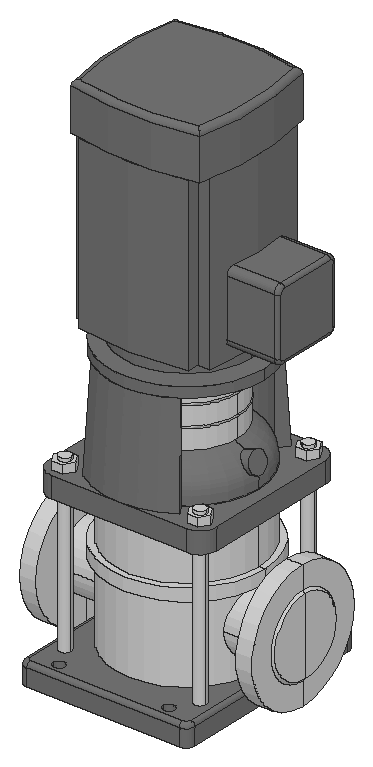
Revit family "TESK_Насос вертикальный_SVM(T)-10", category Оборудование, Revit 2019
Family settings
  Размер круглого соединителя = Использовать диаметр
  Классификация = Насос
  Тип детали = Вставляется
  На основе рабочей плоскости = Нет
  Всегда вертикально = Да
  При загрузке вырезать с полостями = Нет
  Общий = Нет
  Точка расчета площади = Нет
Parameters (values of type "Загрузите каталог типоразмеров TXT")
  Таблица_Поиска = "TESK_SVM(T)-10"  # constant formula
  Производитель_Контакты = "info@teskpump.ru"
  Напор максимальный = 0
  Материал_КорпусУлитка = TESK_Нержавеющая сталь
  Материал_КорпусДвигателя = TESK_Черный_Ребра_Условный
  Материал_2 = TESK_Нержавеющая сталь
  Материал_1 = TESK_Черный_Условный
  Длина_ВспомЛиния = 30 mm  # constant formula
  Высота_Перехода = size_lookup(Таблица_Поиска, "A5", 130 mm, ADSK_Марка)  # 130 mm
  Высота_Корпуса = size_lookup(Таблица_Поиска, "A1", 347 mm, ADSK_Марка)  # 347 mm
  Watermark [instance] = "Модели защищены уникальным кодом"
  URL = "www.teskpump.ru"
  ADSK_Свободный напор жидкости [instance] = 0.0 Pa
  ADSK_Расход жидкости [instance] = 0.0 L/s
  ADSK_Полная мощность = ADSK_Номинальная мощность * ADSK_Коэффициент мощности  # 0 kVA
  ADSK_Номинальная мощность = size_lookup(Таблица_Поиска, "Pow", 0 kW, ADSK_Марка)  # 0 kW
  ADSK_Напряжение = 400 V
  ADSK_Наименование краткое = "Вертикальный многоступенчатый центробежный насос"  # constant formula
  ADSK_Наименование = size_lookup(Таблица_Поиска, "Name", "Не найдено: Насос TESK SVM(T)-10", ADSK_Марка)  # "Не найдено: Насос TESK SVM(T)-10"
  ADSK_Масса_Текст = size_lookup(Таблица_Поиска, "mass_t", "Не найдено: Насос TESK SVM(T)-10", ADSK_Марка)  # "Не найдено: Насос TESK SVM(T)-10"
  ADSK_Масса = size_lookup(Таблица_Поиска, "mass", 0, ADSK_Марка)  # 0
  ADSK_Марка = "Загрузите каталог типоразмеров TXT"
  ADSK_Коэффициент мощности = 1
  ADSK_Количество фаз числовое = ADSK_Количество фаз  # 3
  ADSK_Количество фаз = if(ADSK_Напряжение = 230 V, 1, 3)  # 3
  ADSK_Количество = 1  # constant formula
  ADSK_Код изделия = size_lookup(Таблица_Поиска, "code", "Не найдено: Насос TESK SVM(T)-10", ADSK_Марка)  # "Не найдено: Насос TESK SVM(T)-10"
  ADSK_Классификация нагрузок = Прочее
  ADSK_Завод-изготовитель = "TESK"  # constant formula
  ADSK_Единица измерения = "шт."  # constant formula
  ADSK_Диаметр условный = 40 mm  # constant formula
  ADSK_Версия семейства = "1.0"  # constant formula
  ADSK_Версия Revit = "2019"  # constant formula
  Фланец_Толщина = 22 mm  # constant formula
  УГО_Длина = 280 mm  # constant formula
  Двигатель_Ширина = size_lookup(Таблица_Поиска, "A3", 170 mm, ADSK_Марка)  # 170 mm
  Двигатель_ОтступКоробки = size_lookup(Таблица_Поиска, "A4", 142 mm, ADSK_Марка)  # 142 mm
  Двигатель_Высота = size_lookup(Таблица_Поиска, "A2", 280 mm, ADSK_Марка)  # 280 mm
Reference planes
  plane 1 "По центру (Вперед/Назад)": y = 0
  plane 2: z = 0
  plane 3 "По центру (Влево/Вправо)": x = 0
  plane 4: x = -140
  plane 5: x = 140
  plane 6: x = -118
  plane 7: x = 118
  plane 8: z = -80
  plane 9: z = 267
  plane 10: z = -55
  plane 11: x = -85
  plane 12: z = 137
  plane 13: x = -50
  plane 14: z = 137
  plane 15: z = 112
  plane 16: x = -100
  plane 17: y = 100
  plane 18: x = 100
  plane 19: y = -100
  plane 20: z = 255
  plane 21: z = 182
  plane 22: x = -58
  plane 23: x = -60
  plane 24: z = 206.333
  plane 25: z = 230.667
  plane 26: z = 231.667
  plane 27: z = 229.667
  plane 28: z = 207.333
  plane 29: z = 205.333
  plane 30: z = 250
  plane 31: x = -85
  plane 32: x = -100
  plane 33: x = -92
  plane 34: x = -80
  plane 35: x = 80
  plane 36: y = -80
  plane 37: y = 80
  plane 38: z = 150
  plane 39: x = -100
  plane 40: x = 100
  plane 41: y = 123.5
  plane 42: y = -123.5
  plane 43: x = -65
  plane 44: x = 65
  plane 45: y = -107.5
  plane 46: y = 107.5
  plane 47: z = 40
  plane 48: z = 55
  plane 49: x = -85
  plane 50: x = -93
  plane 51: x = -80
  plane 52: x = 80
  plane 53: y = 80
  plane 54: y = -80
  plane 55: z = 55
  plane 56: z = -60
  plane 57: x = 95
  plane 58: x = 100
  plane 59: x = 85
  plane 60: x = 100
  plane 61: x = 92
  plane 62: z = 188.387
  plane 63: x = 55
  plane 64: z = 157
Forms (mm)
  Extrusion 1, solid, material "TESK_Нержавеющая сталь" <- "Материал_КорпусУлитка", detail levels fine
    sketch origin (0, 0, 0) x (0, 1, 0) y (0, 0, 1)
      loop
        circle (0, 0) r 40
    from -118 to 118
  Revolve 2, solid, material "TESK_Черный_Условный" <- "Материал_1", detail levels fine
    sketch origin (0, 0, 0) x (1, 0, 0) y (0, 0, 1)
      loop
        line (0, 255) -> (-50, 255) -> (-50, 188.387)
        spline (-50, 188.387) -> (-51.902, 181.379) -> (-55.88, 179.278) -> (-60.634, 177.07) -> (-65.428, 174.293) -> (-69.591, 171.327) -> (-72.964, 168.449) -> (-75.78, 165.646) -> (-78.487, 162.259) -> (-80.986, 158.355) -> (-82.903, 154.12) -> (-84.356, 148.192) -> (-85, 137)
        line (-85, 137) -> (-85, 112) -> (0, 112) -> (0, 255)
      axis (0, 112) -> (0, 255)
    angle from 0 to 360
  Extrusion 3, solid, material "TESK_Черный_Условный" <- "Материал_1", detail levels fine
    sketch origin (0, 0, 0) x (1, 0, 0) y (0, 1, 0)
      loop
        line (-100, 80) -> (-100, -80)
        arc (-100, -80) -> (-94.142, -94.142) -> (-80, -100) r 20
        line (-80, -100) -> (80, -100)
        arc (80, -100) -> (94.142, -94.142) -> (100, -80) r 20
        line (100, -80) -> (100, 80)
        arc (100, 80) -> (94.142, 94.142) -> (80, 100) r 20
        line (80, 100) -> (-80, 100)
        arc (-80, 100) -> (-94.142, 94.142) -> (-100, 80) r 20
    from 112 to 137
  Revolve 4, solid, material "TESK_Нержавеющая сталь" <- "Материал_2", detail levels fine
    sketch origin (0, 0, 0) x (1, 0, 0) y (0, 0, 1)
      loop
        line (-60, 250) -> (-60, 231.667)
        arc (-60, 231.667) -> (-61, 230.667) -> (-60, 229.667) r 1
        line (-60, 229.667) -> (-60, 207.333)
        arc (-60, 207.333) -> (-61, 206.333) -> (-60, 205.333) r 1
        line (-60, 205.333) -> (-60, 182) -> (-58, 182) -> (-58, 250) -> (-60, 250)
      axis (0, 182) -> (0, 250)
    angle from 0 to 360
  Extrusion 5, solid, material "TESK_Черный_Условный" <- "Материал_1", detail levels fine
    sketch origin (0, 0, 0) x (1, 0, 0) y (0, 1, 0)
      loop
        circle (0, 0) r 92
    from 255 to 267
  Revolve 6, solid, material "TESK_Черный_Условный" <- "Материал_1", detail levels fine
    sketch origin (0, 0, 0) x (1, 0, 0) y (0, 0, 1)
      loop
        line (-85, 255) -> (-92, 255) -> (-100, 137) -> (-85, 137) -> (-85, 255)
      axis (0, 137) -> (0, 255)
    angle from 125 to 55
  Extrusion 7, solid, material "TESK_Нержавеющая сталь" <- "Материал_2", detail levels fine
    sketch origin (0, 0, 0) x (1, 0, 0) y (0, 1, 0)
      loop
        circle (-80, 80) r 7
      loop
        circle (80, 80) r 7
      loop
        circle (-80, -80) r 7
      loop
        circle (80, -80) r 7
    from -55 to 150
  Extrusion 8, solid, material "TESK_Черный_Условный" <- "Материал_1", detail levels fine
    sketch origin (0, 0, 0) x (1, 0, 0) y (0, 1, 0)
      loop
        arc (-90, 123.5) -> (-97.071, 120.571) -> (-100, 113.5) r 10
        line (-100, 113.5) -> (-100, -113.5)
        arc (-100, -113.5) -> (-97.071, -120.571) -> (-90, -123.5) r 10
        line (-90, -123.5) -> (90, -123.5)
        arc (90, -123.5) -> (97.071, -120.571) -> (100, -113.5) r 10
        line (100, -113.5) -> (100, 113.5)
        arc (100, 113.5) -> (97.071, 120.571) -> (90, 123.5) r 10
        line (90, 123.5) -> (-90, 123.5)
    from -80 to -55
  Extrusion 9, void
    sketch origin (0, 0, 0) x (1, 0, 0) y (0, 1, 0)
      loop
        circle (-65, 107.5) r 7
      loop
        circle (65, 107.5) r 7
      loop
        circle (-65, -107.5) r 7
      loop
        circle (65, -107.5) r 7
    from -80 to -55
  Revolve 10, solid, material "TESK_Нержавеющая сталь" <- "Материал_КорпусУлитка", detail levels fine
    sketch origin (0, 0, 0) x (1, 0, 0) y (0, 0, 1)
      loop
        line (-85, -55) -> (0, -55) -> (0, 55) -> (-93, 55) -> (-93, 40) -> (-85, 40) -> (-85, -55)
      axis (0, -55) -> (0, 55)
    angle from 0 to 360
  Extrusion 11, solid, material "TESK_Нержавеющая сталь" <- "Материал_2", detail levels fine
    sketch origin (0, 0, 0) x (1, 0, 0) y (0, 1, 0)
      loop
        circle (0, 0) r 85
    from 55 to 112
  Sweep 12, void
    path in 3D
      loop
        arc (100, 113.5, -55) -> (97.071, 120.571, -55) -> (90, 123.5, -55) r 10
        line (90, 123.5, -55) -> (-90, 123.5, -55)
        arc (-90, 123.5, -55) -> (-97.071, 120.571, -55) -> (-100, 113.5, -55) r 10
        line (-100, 113.5, -55) -> (-100, -113.5, -55)
        arc (-100, -113.5, -55) -> (-97.071, -120.571, -55) -> (-90, -123.5, -55) r 10
        line (-90, -123.5, -55) -> (90, -123.5, -55)
        arc (90, -123.5, -55) -> (97.071, -120.571, -55) -> (100, -113.5, -55) r 10
        line (100, -113.5, -55) -> (100, 113.5, -55)
    profile origin (100, 0, -55) x (-1, 0, 0) y (0, 0, 1)
      loop
        line (5, 0) -> (0, 0) -> (0, -5)
        arc (0, -5) -> (1.464, -1.464) -> (5, 0) r 5
  Revolve 13, solid, material "TESK_Черный_Условный" <- "Материал_1", detail levels fine
    sketch origin (0, 0, 0) x (-1, 0, 0) y (0, 0, 1)
      loop
        line (-85, 255) -> (-92, 255) -> (-100, 137) -> (-85, 137) -> (-85, 255)
      axis (0, 137) -> (0, 255)
    angle from -125 to -55
  Sweep 14, solid, material "TESK_Черный_Условный" <- "Материал_1", detail levels fine
    path in 3D
      loop
        line (55, 0, 157) -> (83.978, 0, 164.765)
    profile origin (69.489, 0, 160.882) x (-0.258819, 0, 0.965926) y (0, -1, 0)
      loop
        circle (0, 0) r 12.65
Cuts and joins
  Extrusion 9, Sweep 12 cuts Extrusion 8
Lines and regions (mm)
  sketch lines
    curve 1: line (100, -113.5, -55) -> (100, 113.5, -55)
    curve 2: arc (90, 123.5, -55) -> (97.071, 120.571, -55) -> (100, 113.5, -55) r 10
    curve 3: line (90, 123.5, -55) -> (-90, 123.5, -55)
    curve 4: arc (-100, 113.5, -55) -> (-97.071, 120.571, -55) -> (-90, 123.5, -55) r 10
    curve 5: line (-100, 113.5, -55) -> (-100, -113.5, -55)
    curve 6: arc (-90, -123.5, -55) -> (-97.071, -120.571, -55) -> (-100, -113.5, -55) r 10
    curve 7: line (-90, -123.5, -55) -> (90, -123.5, -55)
    curve 8: arc (100, -113.5, -55) -> (97.071, -120.571, -55) -> (90, -123.5, -55) r 10
    curve 10: line (55, 0, 157) -> (83.978, 0, 164.765)
  reference lines
    curve 9: line (55, 0, 157) -> (83.978, 0, 164.765)
Dimensions and locks
  locked: plane 3 "По центру (Влево/Вправо)" to plane 4 at 140
  locked: plane 5 to plane 3 "По центру (Влево/Вправо)" at 140
  locked: plane 2 to plane 8 at 80
  locked: plane 10 to plane 8 at 25
  locked: plane 3 "По центру (Влево/Вправо)" to plane 11 at 85
  "Высота_Перехода": plane 9 to plane 12
  locked: plane 3 "По центру (Влево/Вправо)" to plane 13 at 50
  "Высота_Перехода": plane 9 to plane 14
  locked: plane 14 to plane 15 at 25
  equal spacing: plane 16, plane 3 "По центру (Влево/Вправо)", plane 18
  equal spacing: plane 17, plane 1 "По центру (Вперед/Назад)", plane 19
  locked: plane 19 to plane 1 "По центру (Вперед/Назад)" at 100
  locked: plane 16 to plane 3 "По центру (Влево/Вправо)" at 100
  locked: plane 21 to plane 14 at 45
  locked: plane 9 to plane 20 at 12
  locked: plane 3 "По центру (Влево/Вправо)" to plane 22 at 58
  locked: plane 3 "По центру (Влево/Вправо)" to plane 23 at 60
  equal spacing: plane 20, plane 25, plane 24, plane 21
  plane 26 to plane 25 to plane 27 = 1 mm locked, 1 mm locked
  plane 28 to plane 24 to plane 29 = 1 mm locked, 1 mm locked
  locked: plane 20 to plane 30 at 5
  locked: plane 3 "По центру (Влево/Вправо)" to plane 31 at 85
  locked: plane 32 to plane 3 "По центру (Влево/Вправо)" at 100
  locked: plane 3 "По центру (Влево/Вправо)" to plane 33 at 92
  equal spacing: plane 34, plane 3 "По центру (Влево/Вправо)", plane 35
  locked: plane 34 to plane 3 "По центру (Влево/Вправо)" at 80
  equal spacing: plane 37, plane 1 "По центру (Вперед/Назад)", plane 36
  locked: plane 37 to plane 1 "По центру (Вперед/Назад)" at 80
  locked: plane 38 to plane 14 at 13
  equal spacing: plane 39, plane 3 "По центру (Влево/Вправо)", plane 40
  locked: plane 39 to plane 3 "По центру (Влево/Вправо)" at 100
  equal spacing: plane 41, plane 1 "По центру (Вперед/Назад)", plane 42
  locked: plane 41 to plane 1 "По центру (Вперед/Назад)" at 123.5
  equal spacing: plane 43, plane 3 "По центру (Влево/Вправо)", plane 44
  locked: plane 43 to plane 3 "По центру (Влево/Вправо)" at 65
  equal spacing: plane 46, plane 1 "По центру (Вперед/Назад)", plane 45
  locked: plane 46 to plane 1 "По центру (Вперед/Назад)" at 107.5
  locked: plane 3 "По центру (Влево/Вправо)" to plane 49 at 85
  locked: plane 49 to plane 50 at 8
  locked: plane 47 to plane 2 at 40
  locked: plane 48 to plane 47 at 15
  equal spacing: plane 53, plane 1 "По центру (Вперед/Назад)", plane 54
  locked: plane 53 to plane 1 "По центру (Вперед/Назад)" at 80
  equal spacing: plane 51, plane 3 "По центру (Влево/Вправо)", plane 52
  locked: plane 3 "По центру (Влево/Вправо)" to plane 52 at 80
  locked: plane 55 to plane 2 at 55
  "Фланец_Толщина": plane 6 to plane 4
  "Фланец_Толщина": plane 5 to plane 7
  "Высота_Корпуса": plane 9 to plane 8
  locked: plane 10 to plane 56 at 5
  locked: plane 3 "По центру (Влево/Вправо)" to plane 58 at 100
  locked: plane 57 to plane 58 at 5
  locked: plane 60 to plane 3 "По центру (Влево/Вправо)" at 100
  locked: plane 3 "По центру (Влево/Вправо)" to plane 61 at 92
  locked: plane 3 "По центру (Влево/Вправо)" to plane 59 at 85
  locked: plane 62 to plane 12 at 51.387
  locked: plane 63 to plane 3 "По центру (Влево/Вправо)" at 55
  locked: plane 64 to plane 14 at 20
  "Длина_ВспомЛиния": curve 9 to curve 9
  diameter of Extrusion 1 sketch curve = 80 mm
  radius of Extrusion 3 sketch curve = 20 mm  (x4)
  radius of Revolve 4 sketch curve = 1 mm  (x2)
  diameter of Extrusion 5 sketch curve = 184 mm
  diameter of Extrusion 7 sketch curve = 14 mm  (x4)
  radius of Extrusion 8 sketch curve = 10 mm  (x4)
  diameter of Extrusion 9 sketch curve = 14 mm  (x4)
  diameter of Extrusion 11 sketch curve = 170 mm
  radius of Sweep 12 sketch curve = 5 mm
  diameter of Sweep 14 sketch curve = 25.3 mm
  locked: plane 64 to curve 9 (angle 15.00°)
  aligned and locked: level to plane 2
  aligned and locked: plane 1 "По центру (Вперед/Назад)" to nested 1
  aligned and locked: nested 2 to plane 1 "По центру (Вперед/Назад)"
  aligned and locked: plane 4 to nested 1
  aligned and locked: nested 2 to plane 5
  aligned and locked: Extrusion 1 to plane 6
  aligned and locked: plane 7 to Extrusion 1
  aligned and locked: plane 9 to nested 3
  aligned and locked: plane 3 "По центру (Влево/Вправо)" to Revolve 2 sketch curve
  aligned and locked: Revolve 2 sketch curve to plane 3 "По центру (Влево/Вправо)"
  aligned and locked: Revolve 2 sketch curve to plane 11
  aligned and locked: plane 12 to Revolve 2 sketch curve
  aligned and locked: Extrusion 3 sketch curve to plane 16
  aligned and locked: Extrusion 3 sketch curve to plane 17
  aligned and locked: Extrusion 3 sketch curve to plane 18
  aligned and locked: Extrusion 3 sketch curve to plane 19
  aligned and locked: plane 14 to Extrusion 3
  aligned and locked: Extrusion 3 to plane 15
  aligned and locked: plane 3 "По центру (Влево/Вправо)" to Revolve 4 sketch curve
  aligned and locked: Revolve 4 sketch curve to plane 23  (x3)
  aligned and locked: Revolve 4 sketch curve to plane 21
  aligned and locked: Revolve 4 sketch curve to plane 22
  aligned and locked: Revolve 4 sketch curve to plane 30
  aligned and locked: Extrusion 5 to plane 20
  aligned and locked: plane 9 to Extrusion 5
  aligned and locked: plane 3 "По центру (Влево/Вправо)" to Revolve 6 sketch curve
  aligned and locked: Revolve 6 sketch curve to plane 31
  aligned and locked: plane 14 to Revolve 6 sketch curve
  aligned and locked: plane 37 to Extrusion 7 sketch curve  (x2)
  aligned and locked: plane 34 to Extrusion 7 sketch curve  (x2)
  aligned and locked: plane 35 to Extrusion 7 sketch curve  (x2)
  aligned and locked: plane 36 to Extrusion 7 sketch curve  (x2)
  aligned and locked: Extrusion 7 to plane 10
  aligned and locked: plane 38 to Extrusion 7
  aligned and locked: Extrusion 8 sketch curve to plane 41
  aligned and locked: Extrusion 8 sketch curve to plane 39
  aligned and locked: Extrusion 8 sketch curve to plane 40
  aligned and locked: Extrusion 8 sketch curve to plane 42
  aligned and locked: plane 8 to Extrusion 8
  aligned and locked: plane 10 to Extrusion 8
  aligned and locked: Revolve 2 sketch curve to plane 20
  aligned and locked: nested 4 to plane 1 "По центру (Вперед/Назад)"
  aligned and locked: nested 4 to plane 3 "По центру (Влево/Вправо)"
  aligned and locked: nested 5 to plane 3 "По центру (Влево/Вправо)"
  aligned and locked: nested 5 to plane 1 "По центру (Вперед/Назад)"
  aligned and locked: plane 2 to nested 5
  aligned and locked: plane 43 to Extrusion 9 sketch curve  (x2)
  aligned and locked: plane 45 to Extrusion 9 sketch curve
  aligned and locked: plane 44 to Extrusion 9 sketch curve  (x2)
  aligned and locked: plane 46 to Extrusion 9 sketch curve  (x2)
  aligned and locked: plane 10 to Extrusion 9
  aligned and locked: Extrusion 9 to plane 8
  aligned and locked: plane 3 "По центру (Влево/Вправо)" to Revolve 10 sketch curve
  aligned and locked: Revolve 10 sketch curve to plane 10
  aligned and locked: Revolve 10 sketch curve to plane 49
  aligned and locked: Revolve 10 sketch curve to plane 47
  aligned and locked: Revolve 10 sketch curve to plane 50
  aligned and locked: Revolve 10 sketch curve to plane 48
  aligned and locked: Revolve 10 sketch curve to plane 3 "По центру (Влево/Вправо)"
  aligned and locked: plane 3 "По центру (Влево/Вправо)" to nested 3
  aligned and locked: plane 1 "По центру (Вперед/Назад)" to nested 3
  aligned and locked: nested 6 to plane 53
  aligned and locked: plane 52 to nested 6
  aligned and locked: plane 53 to nested 7
  aligned and locked: plane 51 to nested 7
  aligned and locked: plane 54 to nested 9
  aligned and locked: nested 9 to plane 51
  aligned and locked: nested 8 to plane 54
  aligned and locked: nested 8 to plane 52
  aligned and locked: plane 14 to nested 8
  aligned and locked: nested 6 to plane 14
  aligned and locked: nested 9 to plane 14
  aligned and locked: plane 14 to nested 7
  aligned and locked: Revolve 2 sketch curve to plane 15
  aligned and locked: plane 1 "По центру (Вперед/Назад)" to Extrusion 11 sketch curve
  aligned and locked: plane 3 "По центру (Влево/Вправо)" to Extrusion 11 sketch curve
  aligned and locked: plane 15 to Extrusion 11
  aligned and locked: Extrusion 11 to plane 55
  aligned and locked: plane 10 to Sweep 12 sketch curve
  aligned and locked: plane 58 to Sweep 12 sketch curve
  aligned and locked: Revolve 2 sketch curve to plane 13
  aligned and locked: Revolve 6 sketch curve to plane 20
  aligned and locked: plane 33 to Revolve 6 sketch curve
  aligned and locked: Revolve 13 sketch curve to plane 59
  aligned and locked: Revolve 13 sketch curve to plane 60
  aligned and locked: Revolve 13 sketch curve to plane 14
  aligned and locked: Revolve 13 sketch curve to plane 20
  aligned and locked: plane 62 to Revolve 2 sketch curve
  aligned and locked: plane 32 to Revolve 6 sketch curve
  aligned and locked: plane 61 to Revolve 13 sketch curve
  aligned and locked: plane 64 to curve 9
  aligned and locked: plane 63 to curve 9
Automatic sketch dimensions
  Extrusion 1 sketch curve to level = 0 mm
  Extrusion 1 sketch curve to plane 1 "По центру (Вперед/Назад)" = 0 mm
  Revolve 4 sketch curve to plane 29 = 0 mm
  Revolve 4 sketch curve to plane 27 = 0 mm
  Revolve 4 sketch curve to plane 21 = 10 mm
  plane 38 to Revolve 4 sketch curve = 2 mm
  plane 1 "По центру (Вперед/Назад)" to Extrusion 5 sketch curve = 0 mm
  Extrusion 5 sketch curve to plane 3 "По центру (Влево/Вправо)" = 0 mm
  Extrusion 9 sketch curve to plane 45 = 0 mm
  Revolve 10 sketch curve to plane 15 = 30 mm
  Revolve 10 sketch curve to plane 15 = 10 mm
  Sweep 12 sketch curve to profile plane = 0 mm
  Sweep 12 sketch curve to plane 57 = 0 mm
  Sweep 12 sketch curve to plane 56 = 0 mm  (x2)
  Revolve 6 sketch curve to plane 21 = 7.057 mm
  Revolve 13 sketch curve to plane 3 "По центру (Влево/Вправо)" = 0 mm
  plane 21 to Revolve 13 sketch curve = 7.057 mm
  plane 38 to Revolve 6 sketch curve = 5 mm
  Revolve 13 sketch curve to plane 38 = 5 mm
  Sweep 14 sketch curve to profile plane = 0 mm
  profile plane to Sweep 14 sketch curve = 0 mm
  Revolve 2 sketch curve to plane 15 = 8 mm
  Revolve 2 sketch curve to Revolve 2 sketch curve = 2 mm
Nested families
  nested 1: "Фланец_Круглый" at (-118, 0, 0), Толщина_Фланца <- "Фланец_Толщина", ADSK_Материал <- "Материал_КорпусУлитка", type "Фланец_Круглый", detail levels fine
    with Толщина_Фланца 22 mm, Толщина_Зеркала 3 mm, Dнар_Фланца 150 mm, D_Зеркала 90 mm, ADSK_Материал TESK_Нержавеющая сталь
  nested 2: "Фланец_Круглый" at (118, 0, 0) x (-1, 0, 0) z (0, 0, 1), Толщина_Фланца <- "Фланец_Толщина", ADSK_Материал <- "Материал_КорпусУлитка", type "Фланец_Круглый", detail levels fine
    with Толщина_Фланца 22 mm, Толщина_Зеркала 3 mm, Dнар_Фланца 150 mm, D_Зеркала 90 mm, ADSK_Материал TESK_Нержавеющая сталь
  nested 3: "Электродвигатель" at (0, 0, 267), Высота_Двигателя <- "Двигатель_Высота", Отступ_Коробка <- "Двигатель_ОтступКоробки", Ширина_Двигателя <- "Двигатель_Ширина", ADSK_Материал <- "Материал_1", Материал_Корпуса <- "Материал_КорпусДвигателя", type "Электродвигатель", detail levels fine
    with Ширина_Коробки 85 mm, Ширина_Двигателя 170 mm, Отступ_Коробка 142 mm, Материал_Корпуса TESK_Черный_Ребра_Условный, Высота_Двигателя 280 mm, r_Крышка 6.8 mm, r_Коробка 8.5 mm, r2_Коробка 4.25 mm, r2 76.5 mm, r1 62.9 mm, h4 14 mm, h3 56 mm, h2 16.8 mm, h1 5.6 mm, a 20.4 mm, R 323 mm, ADSK_Материал TESK_Черный_Условный
  nested 4: "Вл_УГО_Насос_2D" at (0, 0, 0) x (-1, 0, 0) z (0, 0, 1), L_УГО <- "УГО_Длина", type "Вл_УГО_Насос_2D", detail levels coarse+medium
    with L_УГО 280 mm
  nested 5: "Вл_УГО_Насос_3D" at (0, 0, 0) x (-1, 0, 0) z (0, -1, 0), L_УГО <- "УГО_Длина", type "Вл_УГО_Насос_3D", detail levels coarse+medium
    with L_УГО 280 mm
  nested 6: "Гайка_Условная" at (80, 80, 137), Материал1 <- "Материал_2", type "Гайка_Условная", detail levels fine
    with Толщина_Гайка 10 mm, Материал1 TESK_Нержавеющая сталь, S_Гайка 22 mm, D_Вн 14 mm
  nested 7: "Гайка_Условная" at (-80, 80, 137) x (-1, 0, 0) z (0, 0, 1), Материал1 <- "Материал_2", type "Гайка_Условная", detail levels fine
    with Толщина_Гайка 10 mm, Материал1 TESK_Нержавеющая сталь, S_Гайка 22 mm, D_Вн 14 mm
  nested 8: "Гайка_Условная" at (80, -80, 137), Материал1 <- "Материал_2", type "Гайка_Условная", detail levels fine
    with Толщина_Гайка 10 mm, Материал1 TESK_Нержавеющая сталь, S_Гайка 22 mm, D_Вн 14 mm
  nested 9: "Гайка_Условная" at (-80, -80, 137) x (-1, 0, 0) z (0, 0, 1), Материал1 <- "Материал_2", type "Гайка_Условная", detail levels fine
    with Толщина_Гайка 10 mm, Материал1 TESK_Нержавеющая сталь, S_Гайка 22 mm, D_Вн 14 mm
Connectors
  electrical at (0, 0, 491), driven by "ADSK_Количество фаз", driven by "ADSK_Классификация нагрузок", driven by "ADSK_Напряжение", driven by "ADSK_Полная мощность", driven by "ADSK_Коэффициент мощности"
    settings: on nested 3, index 1, voltage 400 V, apparent load 0 kVA, apparent load phase1 0 kVA, apparent load phase2 0 kVA, apparent load phase3 0 kVA, power factor 1, load classification "Прочее", number of poles 3, system type 30, power factor state 1, is connector primary yes, connector utility no, sub classification motor no, connector description ""
  piping at (140, 0, 0), diameter 40, driven by "ADSK_Расход жидкости", driven by "ADSK_Диаметр условный"
    settings: on nested 2, index 2, connector inside diameter 609.6 mm, connector length 0 mm, flow factor 0, pipe flow 0.0 L/s, pressure drop 0.0 Pa, fitting loss kfactor 0, connector angle 0.00°, fixture units 0, engagement length 0 mm, angle of deflection 0.00°, flow configuration 0, flow direction 2, fitting loss method 0, system type 29, joint type 0, gender type 0, connector reference index 3, connector utility 0, adjustable connector no, is connector primary yes, connector description ""
  piping at (-140, 0, 0), diameter 40, driven by "ADSK_Расход жидкости", driven by "ADSK_Диаметр условный"
    settings: on nested 1, index 3, connector inside diameter 609.6 mm, connector length 0 mm, flow factor 0, pipe flow 0.0 L/s, pressure drop 0.0 Pa, fitting loss kfactor 0, connector angle 0.00°, fixture units 0, engagement length 0 mm, angle of deflection 0.00°, flow configuration 0, flow direction 1, fitting loss method 0, system type 29, joint type 0, gender type 0, connector reference index 2, connector utility 0, adjustable connector no, is connector primary no, connector description ""
Definition of nested family "Фланец_Круглый"
  Parameters (values of type "Фланец_Круглый")
    Толщина_Фланца [instance] = 30 mm
    Толщина_Зеркала [instance] = 2 mm
    Dнар_Фланца [instance] = 200 mm
    D_Зеркала [instance] = 90 mm
    ADSK_Материал [instance] = none
  Reference planes
    plane 1 "По центру (Вперед/Назад)": y = 0
    plane 2: z = 0
    plane 3 "По центру (Влево/Вправо)": x = 0
    plane 4: z = 100
    plane 5: z = -100
    plane 6: x = -30
    plane 7: x = -28
    plane 8: z = 45
    plane 9: z = -45
  Forms (mm)
    Revolve 1, solid, material <- "ADSK_Материал"
      sketch origin (0, 0, 0) x (1, 0, 0) y (0, 0, 1)
        loop
          line (0, 100) -> (-28, 100) -> (-28, 0) -> (0, 0) -> (0, 100)
        axis (-28, 0) -> (0, 0)
      angle from 0 to 360
    Revolve 2, solid, material <- "ADSK_Материал"
      sketch origin (0, 0, 0) x (1, 0, 0) y (0, 0, 1)
        loop
          line (-28, 47) -> (-30, 45) -> (-30, 0) -> (-28, 0) -> (-28, 47)
        axis (-30, 0) -> (-28, 0)
      angle from 0 to 360
  Cuts and joins
    joined: Revolve 1, Revolve 2
  Dimensions and locks
    equal spacing: plane 4, plane 2, plane 5
    "Dнар_Фланца": plane 4 to plane 5
    "Толщина_Фланца": plane 3 "По центру (Влево/Вправо)" to plane 6
    "Толщина_Зеркала": plane 7 to plane 6
    equal spacing: plane 8, plane 2, plane 9
    "D_Зеркала": plane 8 to plane 9
    locked: Revolve 2 sketch curve to plane 6 (angle 45.00°)
    aligned and locked: level to plane 2
    aligned and locked: Revolve 1 sketch curve to plane 2  (x2)
    aligned and locked: Revolve 1 sketch curve to plane 3 "По центру (Влево/Вправо)"
    aligned and locked: Revolve 1 sketch curve to plane 7
    aligned and locked: Revolve 1 sketch curve to plane 4
    aligned and locked: Revolve 2 sketch curve to plane 2  (x2)
    aligned and locked: Revolve 2 sketch curve to plane 7
    aligned and locked: Revolve 2 sketch curve to plane 6
    aligned and locked: plane 8 to Revolve 2 sketch curve
  Automatic sketch dimensions
    plane 7 to Revolve 1 sketch curve = 5 mm
    Revolve 1 sketch curve to plane 3 "По центру (Влево/Вправо)" = 2 mm
    plane 7 to Revolve 2 sketch curve = 12.352 mm
    Revolve 2 sketch curve to plane 3 "По центру (Влево/Вправо)" = 5.648 mm
Definition of nested family "Электродвигатель"
  Parameters (values of type "Электродвигатель")
    Ширина_Коробки [instance] = Ширина_Двигателя * 0.5  # 74 mm
    Ширина_Двигателя [instance] = 148 mm
    Отступ_Коробка [instance] = 117 mm
    Материал_Корпуса [instance] = none
    Высота_Двигателя [instance] = 239 mm
    r_Крышка [instance] = Ширина_Двигателя * 0.04  # 5.92 mm
    r_Коробка [instance] = Ширина_Коробки * 0.1  # 7.4 mm
    r2_Коробка [instance] = Ширина_Коробки * 0.05  # 3.7 mm
    r2 [instance] = Ширина_Двигателя * 0.45  # 66.6 mm
    r1 [instance] = Ширина_Двигателя * 0.37  # 54.76 mm
    h4 [instance] = Высота_Двигателя * 0.05  # 11.95 mm
    h3 [instance] = Высота_Двигателя * 0.2  # 47.8 mm
    h2 [instance] = Высота_Двигателя * 0.06  # 14.34 mm
    h1 [instance] = Высота_Двигателя * 0.02  # 4.78 mm
    a [instance] = Ширина_Двигателя * 0.12  # 17.76 mm
    R [instance] = Ширина_Двигателя * 1.9  # 281.2 mm
    ADSK_Материал [instance] = none
  Reference planes
    plane 1 "По центру (Вперед/Назад)": y = 0
    plane 2: z = 0
    plane 3 "По центру (Влево/Вправо)": x = 0
    plane 4: z = 239
    plane 5: x = -74
    plane 6: x = 74
    plane 7: x = 117
    plane 8: y = 74
    plane 9: y = -74
    plane 10: z = 4.78
    plane 11: z = 19.12
    plane 12: z = 191.2
    plane 13: x = -56.24
    plane 14: y = -56.24
    plane 15: y = 56.24
    plane 16: x = -56.24
    plane 17: x = 56.24
    plane 18: y = 56.24
    plane 19: x = 56.24
    plane 20: y = -56.24
    plane 21: x = -66.6
    plane 22: x = -54.76
    plane 23: x = 207.2
    plane 24: x = -207.2
    plane 25: y = -207.2
    plane 26: y = 207.2
    plane 27: x = 207.2
    plane 28: y = -207.2
    plane 29: x = -207.2
    plane 30: y = 207.2
    plane 31: y = 68.08
    plane 32: z = 233.08
    plane 33: z = 31.07
    plane 34: z = 105.07
    plane 35: y = -37
    plane 36: y = 37
    plane 37: x = 113.3
    plane 38: z = 101.37
  Forms (mm)
    Extrusion 1, solid, material <- "Материал_Корпуса"
      sketch origin (0, 0, 0) x (1, 0, 0) y (0, 1, 0)
        loop
          arc (-68.319, 56.24) -> (-74, 0) -> (-68.319, -56.24) r 281.2
          line (-68.319, -56.24) -> (-56.24, -56.24) -> (-56.24, -68.319)
          arc (-56.24, -68.319) -> (0, -74) -> (56.24, -68.319) r 281.2
          line (56.24, -68.319) -> (56.24, -56.24) -> (68.319, -56.24)
          arc (68.319, -56.24) -> (74, 0) -> (68.319, 56.24) r 281.2
          line (68.319, 56.24) -> (56.24, 56.24) -> (56.24, 68.319)
          arc (56.24, 68.319) -> (0, 74) -> (-56.24, 68.319) r 281.2
          line (-56.24, 68.319) -> (-56.24, 56.24) -> (-68.319, 56.24)
      from 19.12 to 191.2
    Revolve 2, solid, material <- "ADSK_Материал"
      sketch origin (0, 0, 0) x (1, 0, 0) y (0, 0, 1)
        loop
          line (-66.6, 19.12) -> (-66.6, 4.78) -> (-54.76, 4.78) -> (-54.76, 0) -> (0, 0) -> (0, 19.12) -> (-66.6, 19.12)
        axis (0, 0) -> (0, 19.12)
      angle from 0 to 360
    Extrusion 3, solid, material <- "ADSK_Материал"
      sketch origin (0, 0, 0) x (1, 0, 0) y (0, 1, 0)
        loop
          arc (-66.117, 66.117) -> (-74, 0) -> (-66.117, -66.117) r 281.2
          arc (-66.117, -66.117) -> (0, -74) -> (66.117, -66.117) r 281.2
          arc (66.117, -66.117) -> (74, 0) -> (66.117, 66.117) r 281.2
          arc (66.117, 66.117) -> (0, 74) -> (-66.117, 66.117) r 281.2
      from 191.2 to 239
    Sweep 4, void
      path in 3D
        loop
          arc (66.117, 66.117, 239) -> (74, 0, 239) -> (66.117, -66.117, 239) r 281.2
          arc (66.117, -66.117, 239) -> (0, -74, 239) -> (-66.117, -66.117, 239) r 281.2
          arc (-66.117, -66.117, 239) -> (-74, 0, 239) -> (-66.117, 66.117, 239) r 281.2
          arc (-66.117, 66.117, 239) -> (0, 74, 239) -> (66.117, 66.117, 239) r 281.2
      profile origin (0, 74, 239) x (0, 1, 0) y (0, 0, 1)
        loop
          line (0, 0) -> (-5.92, 0)
          arc (-5.92, 0) -> (-1.734, -1.734) -> (0, -5.92) r 5.92
          line (0, -5.92) -> (0, 0)
    Extrusion 5, solid, material <- "ADSK_Материал"
      sketch origin (0, 0, 0) x (0, 1, 0) y (0, 0, 1)
        loop
          line (-29.6, 31.07) -> (29.6, 31.07)
          arc (29.6, 31.07) -> (34.833, 33.237) -> (37, 38.47) r 7.4
          line (37, 38.47) -> (37, 97.67)
          arc (37, 97.67) -> (34.833, 102.903) -> (29.6, 105.07) r 7.4
          line (29.6, 105.07) -> (-29.6, 105.07)
          arc (-29.6, 105.07) -> (-34.833, 102.903) -> (-37, 97.67) r 7.4
          line (-37, 97.67) -> (-37, 38.47)
          arc (-37, 38.47) -> (-34.833, 33.237) -> (-29.6, 31.07) r 7.4
      from 0 to 117
    Sweep 6, void
      path in 3D
        loop
          arc (117, -29.6, 105.07) -> (117, -34.833, 102.903) -> (117, -37, 97.67) r 7.4
          line (117, -37, 97.67) -> (117, -37, 38.47)
          arc (117, -37, 38.47) -> (117, -34.833, 33.237) -> (117, -29.6, 31.07) r 7.4
          line (117, -29.6, 31.07) -> (117, 29.6, 31.07)
          arc (117, 29.6, 31.07) -> (117, 34.833, 33.237) -> (117, 37, 38.47) r 7.4
          line (117, 37, 38.47) -> (117, 37, 97.67)
          arc (117, 37, 97.67) -> (117, 34.833, 102.903) -> (117, 29.6, 105.07) r 7.4
          line (117, 29.6, 105.07) -> (117, -29.6, 105.07)
      profile origin (117, 0, 105.07) x (1, 0, 0) y (0, 0, 1)
        loop
          arc (-3.7, 0) -> (-1.084, -1.084) -> (0, -3.7) r 3.7
          line (0, -3.7) -> (0, 0) -> (-3.7, 0)
  Cuts and joins
    Sweep 4 cuts Extrusion 3
    Sweep 6 cuts Extrusion 5
  Lines and regions (mm)
    sketch lines
      curve 1: arc (-66.117, 66.117, 239) -> (0, 74, 239) -> (66.117, 66.117, 239) r 281.2
      curve 2: arc (66.117, 66.117, 239) -> (74, 0, 239) -> (66.117, -66.117, 239) r 281.2
      curve 3: arc (66.117, -66.117, 239) -> (0, -74, 239) -> (-66.117, -66.117, 239) r 281.2
      curve 4: arc (-66.117, -66.117, 239) -> (-74, 0, 239) -> (-66.117, 66.117, 239) r 281.2
      curve 5: line (117, 29.6, 105.07) -> (117, -29.6, 105.07)
      curve 6: arc (117, 29.6, 105.07) -> (117, 34.833, 102.903) -> (117, 37, 97.67) r 7.4
      curve 7: line (117, 37, 38.47) -> (117, 37, 97.67)
      curve 8: arc (117, 37, 38.47) -> (117, 34.833, 33.237) -> (117, 29.6, 31.07) r 7.4
      curve 9: line (117, -29.6, 31.07) -> (117, 29.6, 31.07)
      curve 10: arc (117, -29.6, 31.07) -> (117, -34.833, 33.237) -> (117, -37, 38.47) r 7.4
      curve 11: line (117, -37, 97.67) -> (117, -37, 38.47)
      curve 12: arc (117, -37, 97.67) -> (117, -34.833, 102.903) -> (117, -29.6, 105.07) r 7.4
  Dimensions and locks
    "Высота_Двигателя": plane 4 to plane 2
    equal spacing: plane 6, plane 3 "По центру (Влево/Вправо)", plane 5
    "Ширина_Двигателя": plane 6 to plane 5
    "Отступ_Коробка": plane 7 to plane 3 "По центру (Влево/Вправо)"
    equal spacing: plane 8, plane 1 "По центру (Вперед/Назад)", plane 9
    "Ширина_Двигателя": plane 8 to plane 9
    "a": plane 5 to plane 13
    "a": plane 14 to plane 9
    "a": plane 19 to plane 6
    "a": plane 20 to plane 9
    "a": plane 17 to plane 6
    "a": plane 8 to plane 18
    "a": plane 8 to plane 15
    "a": plane 5 to plane 16
    "r1": plane 3 "По центру (Влево/Вправо)" to plane 22
    "r2": plane 3 "По центру (Влево/Вправо)" to plane 21
    "h1": plane 10 to plane 2
    "h2": plane 11 to plane 10
    "h3": plane 4 to plane 12
    "R": plane 8 to plane 25
    "R": plane 5 to plane 23
    "R": plane 26 to plane 9
    "R": plane 24 to plane 6
    "R": plane 30 to plane 9
    "R": plane 8 to plane 28
    "R": plane 29 to plane 6
    "R": plane 5 to plane 27
    "r_Крышка": plane 8 to plane 31
    "r_Крышка": plane 4 to plane 32
    "h4": plane 33 to plane 11
    "Ширина_Коробки": plane 34 to plane 33
    equal spacing: plane 35, plane 1 "По центру (Вперед/Назад)", plane 36
    "Ширина_Коробки": plane 35 to plane 36
    "r2_Коробка": plane 7 to plane 37
    "r2_Коробка": plane 34 to plane 38
    "R": radius of Extrusion 1 sketch curve  (x4)
    "R": radius of Extrusion 3 sketch curve  (x4)
    "r_Крышка": radius of Sweep 4 sketch curve
    "r_Коробка": radius of Extrusion 5 sketch curve  (x4)
    "r2_Коробка": radius of Sweep 6 sketch curve
    aligned and locked: level to plane 2
    aligned and locked: Extrusion 1 sketch curve to plane 16
    aligned and locked: Extrusion 1 sketch curve to plane 17
    aligned and locked: Extrusion 1 sketch curve to plane 18
    aligned and locked: Extrusion 1 sketch curve to plane 20
    aligned and locked: Extrusion 1 sketch curve to plane 19
    aligned and locked: Extrusion 1 sketch curve to plane 13
    aligned and locked: Extrusion 1 sketch curve to plane 14
    aligned and locked: plane 12 to Extrusion 1
    aligned and locked: Extrusion 1 to plane 11
    aligned and locked: plane 3 "По центру (Влево/Вправо)" to Revolve 2 sketch curve
    aligned and locked: Revolve 2 sketch curve to plane 11
    aligned and locked: Revolve 2 sketch curve to plane 3 "По центру (Влево/Вправо)"
    aligned and locked: Revolve 2 sketch curve to level
    aligned and locked: Revolve 2 sketch curve to plane 21
    aligned and locked: Revolve 2 sketch curve to plane 22
    aligned and locked: Revolve 2 sketch curve to plane 10
    aligned and locked: plane 23 to Extrusion 1 sketch curve
    aligned and locked: plane 1 "По центру (Вперед/Назад)" to Extrusion 1 sketch curve  (x2)
    aligned and locked: plane 25 to Extrusion 1 sketch curve
    aligned and locked: plane 3 "По центру (Влево/Вправо)" to Extrusion 1 sketch curve  (x2)
    aligned and locked: plane 24 to Extrusion 1 sketch curve
    aligned and locked: plane 26 to Extrusion 1 sketch curve
    aligned and locked: plane 28 to Extrusion 3 sketch curve
    aligned and locked: plane 3 "По центру (Влево/Вправо)" to Extrusion 3 sketch curve  (x2)
    aligned and locked: plane 1 "По центру (Вперед/Назад)" to Extrusion 3 sketch curve  (x2)
    aligned and locked: plane 29 to Extrusion 3 sketch curve
    aligned and locked: plane 30 to Extrusion 3 sketch curve
    aligned and locked: plane 27 to Extrusion 3 sketch curve
    aligned and locked: plane 4 to Extrusion 3
    aligned and locked: Extrusion 3 to plane 12
    aligned and locked: profile plane to Sweep 4 sketch curve  (x2)
    aligned and locked: Extrusion 5 sketch curve to plane 33
    aligned and locked: Extrusion 5 sketch curve to plane 35
    aligned and locked: Extrusion 5 sketch curve to plane 34
    aligned and locked: Extrusion 5 sketch curve to plane 36
    aligned and locked: Extrusion 5 to plane 3 "По центру (Влево/Вправо)"
    aligned and locked: plane 7 to Extrusion 5
    aligned and locked: Sweep 6 sketch curve to plane 34
    aligned and locked: Sweep 6 sketch curve to plane 7
    aligned and locked: plane 37 to Sweep 6 sketch curve
    aligned and locked: plane 38 to Sweep 6 sketch curve
  Automatic sketch dimensions
    Extrusion 1 sketch curve to plane 15 = 0 mm
    plane 10 to Revolve 2 sketch curve = 5 mm
    Revolve 2 sketch curve to plane 11 = 0.698 mm
    Sweep 4 sketch curve to plane 31 = 0 mm  (x2)
    Sweep 4 sketch curve to plane 32 = 0 mm  (x2)
    Sweep 6 sketch curve to plane 37 = 0 mm
    Sweep 6 sketch curve to plane 38 = 0 mm
Definition of nested family "Вл_УГО_Насос_3D"
  Parameters (values of type "Вл_УГО_Насос_3D")
    L_УГО [instance] = 490 mm
    D = 200 mm  # constant formula
  Reference planes
    plane 1 "По центру (Вперед/Назад)": y = 0
    plane 2: z = 0
    plane 3 "По центру (Влево/Вправо)": x = 0
    plane 4: x = -245
    plane 5: x = 245
    plane 6: z = -1
    plane 7: z = 1
    plane 8: z = 0.5
    plane 9: z = -0.5
  Forms (mm)
    Extrusion 1, solid
      sketch origin (0, 0, 0) x (1, 0, 0) y (0, 1, 0)
        loop
          circle (0, 0) r 100
      from -0.5 to 0.5
    Extrusion 2, solid
      sketch origin (0, 0, 0) x (1, 0, 0) y (0, 1, 0)
        loop
          line (-100, 0) -> (50, -86.603) -> (50, 86.603) -> (-100, 0)
      from -1 to 1
  Lines and regions (mm)
    model lines
      curve 1: line (-245, 0, 0) -> (-100, 0, 0)
      curve 2: line (100, 0, 0) -> (245, 0, 0)
  Dimensions and locks
    equal spacing: plane 4, plane 3 "По центру (Влево/Вправо)", plane 5
    plane 7 to level to plane 6 = 1 mm locked, 1 mm locked
    plane 8 to level = 0.5 mm
    level to plane 9 = 0.5 mm
    "L_УГО": plane 4 to plane 5
    "D": diameter of Extrusion 1 sketch curve
    aligned and locked: level to plane 2
    aligned and locked: plane 3 "По центру (Влево/Вправо)" to Extrusion 1 sketch curve
    aligned and locked: plane 1 "По центру (Вперед/Назад)" to Extrusion 1 sketch curve
    aligned and locked: plane 8 to Extrusion 1
    aligned and locked: Extrusion 1 to plane 9
    aligned and locked: Extrusion 2 to plane 6
    aligned and locked: plane 7 to Extrusion 2
    aligned and locked: plane 1 "По центру (Вперед/Назад)" to curve 1
    aligned and locked: plane 4 to curve 1
    aligned and locked: plane 5 to curve 2
  Automatic sketch dimensions
    plane 1 "По центру (Вперед/Назад)" to Extrusion 2 sketch curve = 0 mm
    plane 3 "По центру (Влево/Вправо)" to Extrusion 2 sketch curve = 50 mm
    plane 1 "По центру (Вперед/Назад)" to Extrusion 2 sketch curve = 86.603 mm
    Extrusion 2 sketch curve to plane 1 "По центру (Вперед/Назад)" = 86.603 mm
    Extrusion 2 sketch curve to plane 3 "По центру (Влево/Вправо)" = 100 mm
    plane 1 "По центру (Вперед/Назад)" to curve 1 = 0 mm
    plane 1 "По центру (Вперед/Назад)" to curve 2 = 0 mm
    curve 1 to plane 3 "По центру (Влево/Вправо)" = 100 mm
    plane 3 "По центру (Влево/Вправо)" to curve 2 = 100 mm
Definition of nested family "Гайка_Условная"
  Parameters (values of type "Гайка_Условная")
    Толщина_Гайка [instance] = 10 mm
    Материал1 [instance] = none
    S_Гайка [instance] = 15 mm
    D_Вн [instance] = 10 mm
  Reference planes
    plane 1 "По центру (Вперед/Назад)": y = 0
    plane 2: z = 0
    plane 3 "По центру (Влево/Вправо)": x = 0
    plane 4: z = 10
  Forms (mm)
    Extrusion 1, solid, material <- "Материал1"
      sketch origin (0, 0, 0) x (1, 0, 0) y (0, 1, 0)
        loop
          line (8.66, 0) -> (4.33, 7.5) -> (-4.33, 7.5) -> (-8.66, 0) -> (-4.33, -7.5) -> (4.33, -7.5) -> (8.66, 0)
        loop
          circle (0, 0) r 5
      from 0 to 10
  Dimensions and locks
    equal spacing: Extrusion 1 sketch curve, plane 3 "По центру (Влево/Вправо)", Extrusion 1 sketch curve  (x3)
    "S_Гайка": Extrusion 1 sketch curve to Extrusion 1 sketch curve  (x3)
    "Толщина_Гайка": plane 4 to plane 2
    "D_Вн": diameter of Extrusion 1 sketch curve
    locked: Extrusion 1 sketch curve to Extrusion 1 sketch curve (angle 120.00°)  (x3)
    aligned and locked: level to plane 2
    aligned and locked: plane 1 "По центру (Вперед/Назад)" to Extrusion 1 sketch curve
    aligned and locked: plane 3 "По центру (Влево/Вправо)" to Extrusion 1 sketch curve
    aligned and locked: plane 4 to Extrusion 1
    aligned and locked: Extrusion 1 to plane 2
Definition of nested family "Вл_УГО_Насос_2D"
  Parameters (values of type "Вл_УГО_Насос_2D")
    L_УГО [instance] = 250 mm
    D = 200 mm  # constant formula
  Reference planes
    plane 1 "По центру (Вперед/Назад)": y = 0
    plane 2: z = 0
    plane 3 "По центру (Влево/Вправо)": x = 0
    plane 4: x = -125
    plane 5: x = 125
    plane 6: x = -100
    plane 7: x = 100
    plane 8: x = -100, in view "Опорный уровень"
  Lines and regions (mm)
    Filled region 1, type "Сплошная заливка - Черный", in view "Опорный уровень"
      outline origin (0, 0, 0) x (1, 0, 0) y (0, 1, 0)
        loop
          line (-100, 0) -> (50, -86.603) -> (50, 86.603) -> (-100, 0)
    detail lines, in view "Опорный уровень"
      curve 1: line (-125, 0, 0) -> (-100, 0, 0)
      curve 2: line (100, 0, 0) -> (125, 0, 0)
      curve 3: circle (0, 0, 0) r 100 normal (0, 0, 1)
  Dimensions and locks
    "L_УГО": plane 4 to plane 5
    equal spacing: plane 4, plane 3 "По центру (Влево/Вправо)", plane 5
    locked: plane 8 to plane 3 "По центру (Влево/Вправо)" at 100
    equal spacing: plane 6, plane 3 "По центру (Влево/Вправо)", plane 7
    "D": plane 6 to plane 7
    "D": diameter of curve 3
    aligned and locked: plane 4 to curve 1
    aligned and locked: plane 5 to curve 2
    aligned and locked: plane 1 "По центру (Вперед/Назад)" to curve 1
    aligned and locked: plane 8 to Filled region 1 sketch curve
    aligned and locked: plane 6 to curve 1
    aligned and locked: plane 7 to curve 2
    aligned and locked: plane 3 "По центру (Влево/Вправо)" to curve 3
    aligned and locked: plane 1 "По центру (Вперед/Назад)" to curve 3
  Automatic sketch dimensions
    plane 1 "По центру (Вперед/Назад)" to Filled region 1 sketch curve = 0 mm
    plane 3 "По центру (Влево/Вправо)" to Filled region 1 sketch curve = 50 mm
    plane 1 "По центру (Вперед/Назад)" to Filled region 1 sketch curve = 86.603 mm
    Filled region 1 sketch curve to plane 1 "По центру (Вперед/Назад)" = 86.603 mm
    plane 1 "По центру (Вперед/Назад)" to curve 2 = 0 mm
Types in the file's own list only (30): name | Напор максимальный | Материал_КорпусУлитка | Длина_ВспомЛиния | Высота_Перехода | Высота_Корпуса | ADSK_Полная мощность | ADSK_Номинальная мощность | ADSK_Напряжение | ADSK_Наименование | ADSK_Масса_Текст | ADSK_Масса | ADSK_Марка | ADSK_Код изделия | ADSK_Диаметр условный | Фланец_Толщина | УГО_Длина | Двигатель_Ширина | Двигатель_ОтступКоробки | Двигатель_Высота
  SVM 10-2 0.75kW 3x380V 50Hz IE3 | 18.5 | TESK_Нержавеющая сталь | 30 мм | 130 мм | 347 мм | 1 кВ·А | 1 кВт | 400 В | "Вертикальный многоступенчатый центробежный насос SVM, DN40, PN25, Hmax=18.5м (3x380V 50Hz IE3)" | "32" | 32 | "SVM 10-2 0.75kW 3x380V 50Hz IE3" | "7710-20003380NSSF" | 40 мм | 22 мм | 280 мм | 170 мм | 142 мм | 280 мм
  SVM 10-3 1.1kW 3x380V 50Hz IE3 | 30 | TESK_Нержавеющая сталь | 30 мм | 130 мм | 377 мм | 1 кВ·А | 1 кВт | 400 В | "Вертикальный многоступенчатый центробежный насос SVM, DN40, PN25, Hmax=30м (3x380V 50Hz IE3)" | "34" | 34 | "SVM 10-3 1.1kW 3x380V 50Hz IE3" | "7710-30003380NSSF" | 40 мм | 22 мм | 280 мм | 170 мм | 142 мм | 280 мм
  SVM 10-4 1.5kW 3x380V 50Hz IE3 | 40.5 | TESK_Нержавеющая сталь | 30 мм | 150 мм | 417 мм | 2 кВ·А | 2 кВт | 400 В | "Вертикальный многоступенчатый центробежный насос SVM, DN40, PN25, Hmax=40.5м (3x380V 50Hz IE3)" | "40" | 40 | "SVM 10-4 1.5kW 3x380V 50Hz IE3" | "7710-40003380NSSF" | 40 мм | 22 мм | 280 мм | 190 мм | 155 мм | 333 мм
  SVM 10-5 2.2kW 3x380V 50Hz IE3 | 50 | TESK_Нержавеющая сталь | 30 мм | 150 мм | 447 мм | 2 кВ·А | 2 кВт | 400 В | "Вертикальный многоступенчатый центробежный насос SVM, DN40, PN25, Hmax=50м (3x380V 50Hz IE3)" | "44" | 44 | "SVM 10-5 2.2kW 3x380V 50Hz IE3" | "7710-50003380NSSF" | 40 мм | 22 мм | 280 мм | 190 мм | 155 мм | 333 мм
  SVM 10-6 2.2kW 3x380V 50Hz IE3 | 60 | TESK_Нержавеющая сталь | 30 мм | 150 мм | 477 мм | 2 кВ·А | 2 кВт | 400 В | "Вертикальный многоступенчатый центробежный насос SVM, DN40, PN25, Hmax=60м (3x380V 50Hz IE3)" | "45" | 45 | "SVM 10-6 2.2kW 3x380V 50Hz IE3" | "7710-60003380NSSF" | 40 мм | 22 мм | 280 мм | 190 мм | 155 мм | 333 мм
  SVM 10-7 3kW 3x380V 50Hz IE3 | 70.5 | TESK_Нержавеющая сталь | 30 мм | 170 мм | 517 мм | 3 кВ·А | 3 кВт | 400 В | "Вертикальный многоступенчатый центробежный насос SVM, DN40, PN25, Hmax=70.5м (3x380V 50Hz IE3)" | "52" | 52 | "SVM 10-7 3kW 3x380V 50Hz IE3" | "7710-70003380NSSF" | 40 мм | 22 мм | 280 мм | 197 мм | 165 мм | 348 мм
  SVM 10-8 3kW 3x380V 50Hz IE3 | 81 | TESK_Нержавеющая сталь | 30 мм | 170 мм | 547 мм | 3 кВ·А | 3 кВт | 400 В | "Вертикальный многоступенчатый центробежный насос SVM, DN40, PN25, Hmax=81м (3x380V 50Hz IE3)" | "53" | 53 | "SVM 10-8 3kW 3x380V 50Hz IE3" | "7710-80003380NSSF" | 40 мм | 22 мм | 280 мм | 197 мм | 165 мм | 348 мм
  SVM 10-9 3kW 3x380V 50Hz IE3 | 91 | TESK_Нержавеющая сталь | 30 мм | 170 мм | 577 мм | 3 кВ·А | 3 кВт | 400 В | "Вертикальный многоступенчатый центробежный насос SVM, DN40, PN25, Hmax=91м (3x380V 50Hz IE3)" | "54" | 54 | "SVM 10-9 3kW 3x380V 50Hz IE3" | "7710-90003380NSSF" | 40 мм | 22 мм | 280 мм | 197 мм | 165 мм | 348 мм
  SVM 10-10 4kW 3x380V 50Hz IE3 | 101.5 | TESK_Нержавеющая сталь | 30 мм | 190 мм | 607 мм | 4 кВ·А | 4 кВт | 400 В | "Вертикальный многоступенчатый центробежный насос SVM, DN40, PN25, Hmax=101.5м (3x380V 50Hz IE3)" | "64" | 64 | "SVM 10-10 4kW 3x380V 50Hz IE3" | "7710-100003380NSSF" | 40 мм | 22 мм | 280 мм | 230 мм | 185 мм | 382 мм
  SVM 10-12 4kW 3x380V 50Hz IE3 | 120.5 | TESK_Нержавеющая сталь | 30 мм | 190 мм | 667 мм | 4 кВ·А | 4 кВт | 400 В | "Вертикальный многоступенчатый центробежный насос SVM, DN40, PN25, Hmax=120.5м (3x380V 50Hz IE3)" | "66" | 66 | "SVM 10-12 4kW 3x380V 50Hz IE3" | "7710-120003380NSSF" | 40 мм | 22 мм | 280 мм | 230 мм | 185 мм | 382 мм
  SVM 10-14 5.5kW 3x380V 50Hz IE3 | 142 | TESK_Нержавеющая сталь | 30 мм | 210 мм | 747 мм | 6 кВ·А | 6 кВт | 400 В | "Вертикальный многоступенчатый центробежный насос SVM, DN40, PN25, Hmax=142м (3x380V 50Hz IE3)" | "81" | 81 | "SVM 10-14 5.5kW 3x380V 50Hz IE3" | "7710-140003380NSSF" | 40 мм | 22 мм | 280 мм | 260 мм | 210 мм | 435 мм
  SVM 10-16 5.5kW 3x380V 50Hz IE3 | 162 | TESK_Нержавеющая сталь | 30 мм | 210 мм | 807 мм | 6 кВ·А | 6 кВт | 400 В | "Вертикальный многоступенчатый центробежный насос SVM, DN40, PN25, Hmax=162м (3x380V 50Hz IE3)" | "82" | 82 | "SVM 10-16 5.5kW 3x380V 50Hz IE3" | "7710-160003380NSSF" | 40 мм | 22 мм | 280 мм | 260 мм | 210 мм | 435 мм
  SVM 10-18 7.5kW 3x380V 50Hz IE3 | 183 | TESK_Нержавеющая сталь | 30 мм | 210 мм | 867 мм | 8 кВ·А | 8 кВт | 400 В | "Вертикальный многоступенчатый центробежный насос SVM, DN40, PN25, Hmax=183м (3x380V 50Hz IE3)" | "93" | 93 | "SVM 10-18 7.5kW 3x380V 50Hz IE3" | "7710-180003380NSSF" | 40 мм | 22 мм | 280 мм | 260 мм | 210 мм | 435 мм
  SVM 10-20 7.5kW 3x380V 50Hz IE3 | 203 | TESK_Нержавеющая сталь | 30 мм | 210 мм | 927 мм | 8 кВ·А | 8 кВт | 400 В | "Вертикальный многоступенчатый центробежный насос SVM, DN40, PN25, Hmax=203м (3x380V 50Hz IE3)" | "94" | 94 | "SVM 10-20 7.5kW 3x380V 50Hz IE3" | "7710-200003380NSSF" | 40 мм | 22 мм | 280 мм | 260 мм | 210 мм | 435 мм
  SVM 10-22 7.5kW 3x380V 50Hz IE3 | 222 | TESK_Нержавеющая сталь | 30 мм | 210 мм | 987 мм | 8 кВ·А | 8 кВт | 400 В | "Вертикальный многоступенчатый центробежный насос SVM, DN40, PN25, Hmax=222м (3x380V 50Hz IE3)" | "95" | 95 | "SVM 10-22 7.5kW 3x380V 50Hz IE3" | "7710-220003380NSSF" | 40 мм | 22 мм | 280 мм | 260 мм | 210 мм | 435 мм
  SVMT 10-2 0.75kW 3x380V 50Hz IE3 | 18.5 | TESK_Черный_Условный | 30 мм | 130 мм | 347 мм | 1 кВ·А | 1 кВт | 400 В | "Вертикальный многоступенчатый центробежный насос SVMT, DN40, PN25, Hmax=18.5м (3x380V 50Hz IE3)" | "32" | 32 | "SVMT 10-2 0.75kW 3x380V 50Hz IE3" | "7710-20003380N" | 40 мм | 22 мм | 280 мм | 170 мм | 142 мм | 280 мм
  SVMT 10-3 1.1kW 3x380V 50Hz IE3 | 30 | TESK_Черный_Условный | 30 мм | 130 мм | 377 мм | 1 кВ·А | 1 кВт | 400 В | "Вертикальный многоступенчатый центробежный насос SVMT, DN40, PN25, Hmax=30м (3x380V 50Hz IE3)" | "34" | 34 | "SVMT 10-3 1.1kW 3x380V 50Hz IE3" | "7710-30003380N" | 40 мм | 22 мм | 280 мм | 170 мм | 142 мм | 280 мм
  SVMT 10-4 1.5kW 3x380V 50Hz IE3 | 40.5 | TESK_Черный_Условный | 30 мм | 150 мм | 417 мм | 2 кВ·А | 2 кВт | 400 В | "Вертикальный многоступенчатый центробежный насос SVMT, DN40, PN25, Hmax=40.5м (3x380V 50Hz IE3)" | "40" | 40 | "SVMT 10-4 1.5kW 3x380V 50Hz IE3" | "7710-40003380N" | 40 мм | 22 мм | 280 мм | 190 мм | 155 мм | 333 мм
  SVMT 10-5 2.2kW 3x380V 50Hz IE3 | 50 | TESK_Черный_Условный | 30 мм | 150 мм | 447 мм | 2 кВ·А | 2 кВт | 400 В | "Вертикальный многоступенчатый центробежный насос SVMT, DN40, PN25, Hmax=50м (3x380V 50Hz IE3)" | "44" | 44 | "SVMT 10-5 2.2kW 3x380V 50Hz IE3" | "7710-50003380N" | 40 мм | 22 мм | 280 мм | 190 мм | 155 мм | 333 мм
  SVMT 10-6 2.2kW 3x380V 50Hz IE3 | 60 | TESK_Черный_Условный | 30 мм | 150 мм | 477 мм | 2 кВ·А | 2 кВт | 400 В | "Вертикальный многоступенчатый центробежный насос SVMT, DN40, PN25, Hmax=60м (3x380V 50Hz IE3)" | "45" | 45 | "SVMT 10-6 2.2kW 3x380V 50Hz IE3" | "7710-60003380N" | 40 мм | 22 мм | 280 мм | 190 мм | 155 мм | 333 мм
  SVMT 10-7 3kW 3x380V 50Hz IE3 | 70.5 | TESK_Черный_Условный | 30 мм | 170 мм | 517 мм | 3 кВ·А | 3 кВт | 400 В | "Вертикальный многоступенчатый центробежный насос SVMT, DN40, PN25, Hmax=70.5м (3x380V 50Hz IE3)" | "52" | 52 | "SVMT 10-7 3kW 3x380V 50Hz IE3" | "7710-70003380N" | 40 мм | 22 мм | 280 мм | 197 мм | 165 мм | 348 мм
  SVMT 10-8 3kW 3x380V 50Hz IE3 | 81 | TESK_Черный_Условный | 30 мм | 170 мм | 547 мм | 3 кВ·А | 3 кВт | 400 В | "Вертикальный многоступенчатый центробежный насос SVMT, DN40, PN25, Hmax=81м (3x380V 50Hz IE3)" | "53" | 53 | "SVMT 10-8 3kW 3x380V 50Hz IE3" | "7710-80003380N" | 40 мм | 22 мм | 280 мм | 197 мм | 165 мм | 348 мм
  SVMT 10-9 3kW 3x380V 50Hz IE3 | 91 | TESK_Черный_Условный | 30 мм | 170 мм | 577 мм | 3 кВ·А | 3 кВт | 400 В | "Вертикальный многоступенчатый центробежный насос SVMT, DN40, PN25, Hmax=91м (3x380V 50Hz IE3)" | "54" | 54 | "SVMT 10-9 3kW 3x380V 50Hz IE3" | "7710-90003380N" | 40 мм | 22 мм | 280 мм | 197 мм | 165 мм | 348 мм
  SVMT 10-10 4kW 3x380V 50Hz IE3 | 101.5 | TESK_Черный_Условный | 30 мм | 190 мм | 607 мм | 4 кВ·А | 4 кВт | 400 В | "Вертикальный многоступенчатый центробежный насос SVMT, DN40, PN25, Hmax=101.5м (3x380V 50Hz IE3)" | "64" | 64 | "SVMT 10-10 4kW 3x380V 50Hz IE3" | "7710-100003380N" | 40 мм | 22 мм | 280 мм | 230 мм | 185 мм | 382 мм
  SVMT 10-12 4kW 3x380V 50Hz IE3 | 120.5 | TESK_Черный_Условный | 30 мм | 190 мм | 667 мм | 4 кВ·А | 4 кВт | 400 В | "Вертикальный многоступенчатый центробежный насос SVMT, DN40, PN25, Hmax=120.5м (3x380V 50Hz IE3)" | "66" | 66 | "SVMT 10-12 4kW 3x380V 50Hz IE3" | "7710-120003380N" | 40 мм | 22 мм | 280 мм | 230 мм | 185 мм | 382 мм
  SVMT 10-14 5.5kW 3x380V 50Hz IE3 | 142 | TESK_Черный_Условный | 30 мм | 210 мм | 747 мм | 6 кВ·А | 6 кВт | 400 В | "Вертикальный многоступенчатый центробежный насос SVMT, DN40, PN25, Hmax=142м (3x380V 50Hz IE3)" | "81" | 81 | "SVMT 10-14 5.5kW 3x380V 50Hz IE3" | "7710-140003380N" | 40 мм | 22 мм | 280 мм | 260 мм | 210 мм | 435 мм
  SVMT 10-16 5.5kW 3x380V 50Hz IE3 | 162 | TESK_Черный_Условный | 30 мм | 210 мм | 807 мм | 6 кВ·А | 6 кВт | 400 В | "Вертикальный многоступенчатый центробежный насос SVMT, DN40, PN25, Hmax=162м (3x380V 50Hz IE3)" | "82" | 82 | "SVMT 10-16 5.5kW 3x380V 50Hz IE3" | "7710-160003380N" | 40 мм | 22 мм | 280 мм | 260 мм | 210 мм | 435 мм
  SVMT 10-18 7.5kW 3x380V 50Hz IE3 | 183 | TESK_Черный_Условный | 30 мм | 210 мм | 867 мм | 8 кВ·А | 8 кВт | 400 В | "Вертикальный многоступенчатый центробежный насос SVMT, DN40, PN25, Hmax=183м (3x380V 50Hz IE3)" | "93" | 93 | "SVMT 10-18 7.5kW 3x380V 50Hz IE3" | "7710-180003380N" | 40 мм | 22 мм | 280 мм | 260 мм | 210 мм | 435 мм
  SVMT 10-20 7.5kW 3x380V 50Hz IE3 | 203 | TESK_Черный_Условный | 30 мм | 210 мм | 927 мм | 8 кВ·А | 8 кВт | 400 В | "Вертикальный многоступенчатый центробежный насос SVMT, DN40, PN25, Hmax=203м (3x380V 50Hz IE3)" | "94" | 94 | "SVMT 10-20 7.5kW 3x380V 50Hz IE3" | "7710-200003380N" | 40 мм | 22 мм | 280 мм | 260 мм | 210 мм | 435 мм
  SVMT 10-22 7.5kW 3x380V 50Hz IE3 | 222 | TESK_Черный_Условный | 30 мм | 210 мм | 987 мм | 8 кВ·А | 8 кВт | 400 В | "Вертикальный многоступенчатый центробежный насос SVMT, DN40, PN25, Hmax=222м (3x380V 50Hz IE3)" | "95" | 95 | "SVMT 10-22 7.5kW 3x380V 50Hz IE3" | "7710-220003380N" | 40 мм | 22 мм | 280 мм | 260 мм | 210 мм | 435 мм
